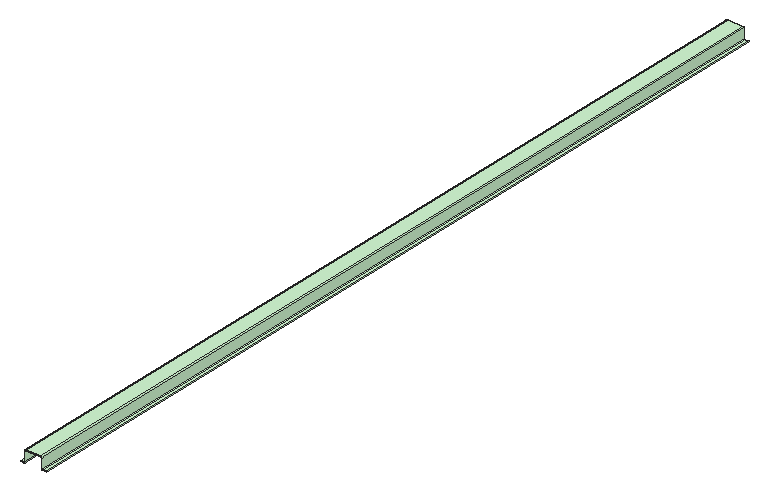
Revit family "nedako_4060", category 機械設備, Revit 2022
Family settings
  丸型コネクタ寸法 = 直径を使用
  種別 = なし
  パーツ タイプ = 標準
  作業面ベース = いいえ
  常に垂直 = はい
  ロード時にボイドで切り取り = いいえ
  注釈の向きを維持 = いいえ
  共有 = いいえ
  部屋計算ポイント = いいえ
Parameters
  製造元 = "株式会社桐井製作所"
  既定の高さ = 0 mm
  URL = "https://www.kirii.co.jp/"
  K_長さ(mm) [instance] = 3000 mm
  K_表面処理 = "Z12以上"
  K_材質 = "溶融亜鉛めっき鋼板及び鋼帯及び鋼帯 JIS G 3302"
  K_名称 = "根太鋼4060"
  K_単位質量(kg/m) = 8.478
  K_備考 = "定尺L=2400 、L=2700、L=3000"
  K_バージョン情報 = "20221219"
Reference planes
  plane 1 "中心(正面/背面)": y = 0
  plane 2: z = 0
  plane 3 "中心(左/右)": x = 0
Forms (mm)
  Extrusion 1, solid
    sketch origin (0, 0, 0) x (1, 0, 0) y (0, 0, 1)
      loop
        line (-45, 0) -> (-31.6, 0)
        arc (-31.6, 0) -> (-29.337, 0.937) -> (-28.4, 3.2) r 3.2
        line (-28.4, 3.2) -> (-28.4, 36.8)
        arc (-28.4, 36.8) -> (-27.931, 37.931) -> (-26.8, 38.4) r 1.6
        line (-26.8, 38.4) -> (26.8, 38.4)
        arc (26.8, 38.4) -> (27.931, 37.931) -> (28.4, 36.8) r 1.6
        line (28.4, 36.8) -> (28.4, 3.2)
        arc (28.4, 3.2) -> (29.337, 0.937) -> (31.6, 0) r 3.2
        line (31.6, 0) -> (45, 0) -> (45, 1.6) -> (31.6, 1.6)
        arc (31.6, 1.6) -> (30.469, 2.069) -> (30, 3.2) r 1.6
        line (30, 3.2) -> (30, 36.8)
        arc (30, 36.8) -> (29.063, 39.063) -> (26.8, 40) r 3.2
        line (26.8, 40) -> (-26.8, 40)
        arc (-26.8, 40) -> (-29.063, 39.063) -> (-30, 36.8) r 3.2
        line (-30, 36.8) -> (-30, 3.2)
        arc (-30, 3.2) -> (-30.469, 2.069) -> (-31.6, 1.6) r 1.6
        line (-31.6, 1.6) -> (-45, 1.6) -> (-45, 0)
    from 0 to 3000
Dimensions and locks
  "K_長さ(mm)": Extrusion 1 to Extrusion 1
  aligned and locked: level to plane 2
  aligned and locked: Extrusion 1 to plane 1 "中心(正面/背面)"
Automatic sketch dimensions
  Extrusion 1 sketch curve to Extrusion 1 sketch curve = 0 mm  (x8)
  Extrusion 1 sketch curve to level = 0 mm  (x2)
  Extrusion 1 sketch curve to plane 3 "中心(左/右)" = 45 mm
  level to Extrusion 1 sketch curve = 3.2 mm
  Extrusion 1 sketch curve to Extrusion 1 sketch curve = 13.4 mm  (x2)
  Extrusion 1 sketch curve to Extrusion 1 sketch curve = 1.6 mm  (x4)
  plane 3 "中心(左/右)" to Extrusion 1 sketch curve = 26.8 mm
  Extrusion 1 sketch curve to Extrusion 1 sketch curve = 33.6 mm
